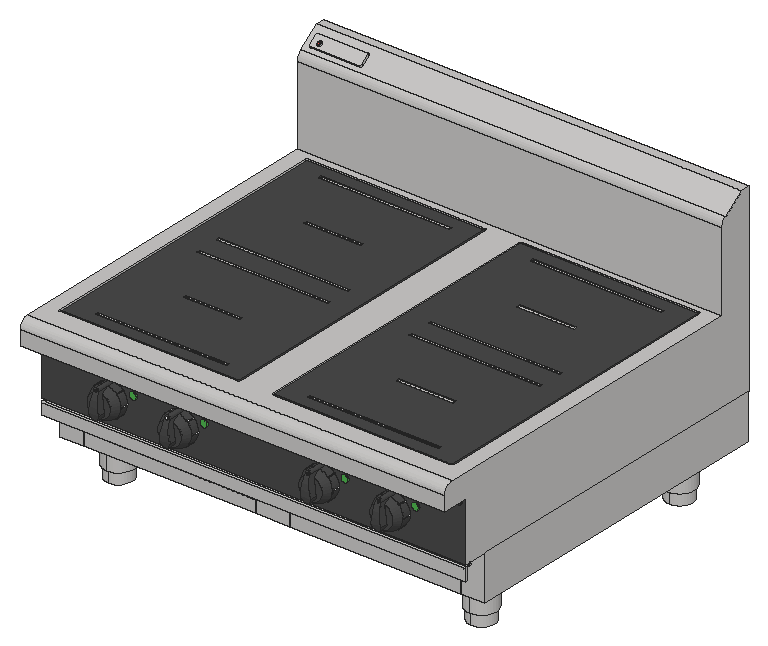
Revit family "QF_Moffat_INB8400R3-B_Induction_Cooktop_cat", category Specialty Equipment, Revit 2019 (continued)
Definition of nested family "Knob"
  Forms (mm)
    Extrusion 2, solid
      sketch origin (32.5, 175.397, 1219.2) x (0, 1, 0) y (0, 0, 1)
        loop
          line (-230.696, -1208.7) -> (-219.397, -1208.7) -> (-219.397, -1161.899) -> (-202.106, -1154.2)
      from -15 to 15
    Extrusion 3, void
      sketch origin (0, 0, 0) x (1, 0, 0) y (0, 0, 1)
        loop
          line (27.501, 64.613) -> (22.02, 20.585)
          arc (22.02, 20.585) -> (32.792, 10.488) -> (42.986, 21.169) r 10.487
          line (42.986, 21.169) -> (37.499, 64.613)
          arc (37.499, 64.613) -> (32.5, 69.5) -> (27.501, 64.613) r 5
        loop
          line (10, 72.977) -> (10, 5.625) -> (55, 5.625) -> (55, 72.977) -> (10, 72.977)
      from 6.142 to 69.687
    Extrusion 4, solid
      sketch origin (0, -34.115, -16.916) x (1, 0, 0) y (0, 0.45399, 0.891007)
        loop
          circle (32.497, 65) r 2
      from 51.525 to 53.075
    Extrusion 5, solid
      sketch origin (32.5, -10, 32.5) x (0, 0, -1) y (-1, 0, 0)
        loop
          line (-23.54, -22.408) -> (-24.106, -22.974)
          arc (-24.106, -22.974) -> (-23.547, -23.547) -> (-22.974, -24.106) r 33.3
          line (-22.974, -24.106) -> (-22.408, -23.54)
          arc (-22.408, -23.54) -> (-22.981, -22.981) -> (-23.54, -22.408) r 32.5
        loop
          arc (-0.8, -33.29) -> (0, -33.3) -> (0.8, -33.29) r 33.3
          line (0.8, -33.29) -> (0.8, -32.49)
          arc (0.8, -32.49) -> (0, -32.5) -> (-0.8, -32.49) r 32.5
          line (-0.8, -32.49) -> (-0.8, -33.29)
        loop
          arc (23.54, -22.408) -> (22.981, -22.981) -> (22.408, -23.54) r 32.5
          line (22.408, -23.54) -> (22.974, -24.106)
          arc (22.974, -24.106) -> (23.547, -23.547) -> (24.106, -22.974) r 33.3
          line (24.106, -22.974) -> (23.54, -22.408)
        loop
          arc (-23.54, 22.408) -> (-22.981, 22.981) -> (-22.408, 23.54) r 32.5
          line (-22.408, 23.54) -> (-22.974, 24.106)
          arc (-22.974, 24.106) -> (-23.547, 23.547) -> (-24.106, 22.974) r 33.3
          line (-24.106, 22.974) -> (-23.54, 22.408)
        loop
          line (-0.8, 33.29) -> (-0.8, 32.49)
          arc (-0.8, 32.49) -> (0, 32.5) -> (0.8, 32.49) r 32.5
          line (0.8, 32.49) -> (0.8, 33.29)
          arc (0.8, 33.29) -> (0, 33.3) -> (-0.8, 33.29) r 33.3
        loop
          line (32.49, -0.8) -> (33.29, -0.8)
          arc (33.29, -0.8) -> (33.3, 0) -> (33.29, 0.8) r 33.3
          line (33.29, 0.8) -> (32.49, 0.8)
          arc (32.49, 0.8) -> (32.5, 0) -> (32.49, -0.8) r 32.5
        loop
          arc (24.106, 22.974) -> (23.547, 23.547) -> (22.974, 24.106) r 33.3
          line (22.974, 24.106) -> (22.408, 23.54)
          arc (22.408, 23.54) -> (22.981, 22.981) -> (23.54, 22.408) r 32.5
          line (23.54, 22.408) -> (24.106, 22.974)
      from 0 to -16.709
  Cuts and joins
    Extrusion 3 cuts Extrusion 2
  Dimensions and locks
    equal spacing: plane 3 "LEFT", plane 7 "Center Y", plane 4 "RIGHT"
    "Length": plane 3 "LEFT" to plane 4 "RIGHT"
    equal spacing: plane 5 "FRONT", plane 8 "Center X", plane 1 "BACK"
    "Depth": plane 5 "FRONT" to plane 1 "BACK"
    "Height": plane 6 "TOP" to level
    plane 4 "RIGHT" to plane 3 "LEFT" = 65 mm
    aligned and locked: level to plane 2
  Automatic sketch dimensions
    Revolve 1 sketch curve to level = 0 mm
    Revolve 1 sketch curve to plane 1 "BACK" = 0 mm  (x2)
    plane 1 "BACK" to Revolve 1 sketch curve = 10 mm
    plane 8 "Center X" to Revolve 1 sketch curve = 2.791 mm
    Revolve 1 sketch curve to plane 8 "Center X" = 14.5 mm
    level to Revolve 1 sketch curve = 7.699 mm
    level to Revolve 1 sketch curve = 27.5 mm
    Revolve 1 sketch curve to Revolve 1 sketch curve = 5 mm
    Revolve 1 sketch curve to Revolve 1 sketch curve = 35 mm
    Revolve 1 sketch curve to Revolve 1 sketch curve = 0 mm
    Extrusion 2 sketch curve to plane 6 "TOP" = 0 mm
    Extrusion 2 sketch curve to plane 5 "FRONT" = 3.702 mm
    Extrusion 2 sketch curve to plane 5 "FRONT" = 10.293 mm
    Extrusion 2 sketch curve to Extrusion 2 sketch curve = 11.298 mm
    plane 8 "Center X" to Extrusion 2 sketch curve = 2.791 mm
    plane 1 "BACK" to Extrusion 2 sketch curve = 10 mm
    Extrusion 2 sketch curve to plane 1 "BACK" = 11 mm
    Extrusion 2 sketch curve to plane 6 "TOP" = 4.5 mm
    Extrusion 2 sketch curve to plane 6 "TOP" = 12.199 mm
    level to Extrusion 2 sketch curve = 32.962 mm
    level to Extrusion 3 sketch curve = 5.625 mm
    Extrusion 3 sketch curve to plane 7 "Center Y" = 0 mm  (x2)
    Extrusion 3 sketch curve to plane 7 "Center Y" = 4.999 mm
    Extrusion 3 sketch curve to plane 7 "Center Y" = 10.48 mm
    plane 6 "TOP" to Extrusion 3 sketch curve = 3.477 mm
    plane 3 "LEFT" to Extrusion 3 sketch curve = 10 mm
    Extrusion 3 sketch curve to plane 6 "TOP" = 4.887 mm
    Extrusion 3 sketch curve to Extrusion 3 sketch curve = 4.999 mm
    plane 7 "Center Y" to Extrusion 3 sketch curve = 10.486 mm
    level to Extrusion 3 sketch curve = 20.585 mm
    Extrusion 3 sketch curve to Extrusion 3 sketch curve = 0.387 mm
    Extrusion 3 sketch curve to Extrusion 3 sketch curve = 0.113 mm
    plane 4 "RIGHT" to Extrusion 3 sketch curve = 10 mm
    Extrusion 5 sketch curve to Revolve 1 = 32.49 mm
    Revolve 1 to Extrusion 5 sketch curve = 32.49 mm
    Extrusion 5 sketch curve to Revolve 1 = 23.54 mm  (x2)
    Revolve 1 to Extrusion 5 sketch curve = 23.54 mm  (x2)
    Extrusion 5 sketch curve to Revolve 1 = 24.106 mm  (x2)
    Revolve 1 to Extrusion 5 sketch curve = 24.106 mm  (x2)
    Revolve 1 to Extrusion 5 sketch curve = 22.408 mm  (x2)
    Extrusion 5 sketch curve to Revolve 1 = 22.408 mm  (x2)
    Revolve 1 to Extrusion 5 sketch curve = 22.974 mm  (x2)
    Extrusion 5 sketch curve to Revolve 1 = 22.974 mm  (x2)
    Extrusion 5 sketch curve to Extrusion 5 sketch curve = 1.6 mm  (x2)
    Revolve 1 to Extrusion 5 sketch curve = 0.8 mm
    Extrusion 5 sketch curve to Revolve 1 = 0.8 mm
    Extrusion 4 sketch curve to plane 7 "Center Y" = 0.003 mm
    radius of Extrusion 5 sketch curve to Revolve 1 = 0 mm  (x7)
    radius of Revolve 1 to Extrusion 5 sketch curve = 0.8 mm  (x7)
    radius of Extrusion 4 sketch curve = 2 mm
Types (2, lengths in mm): name | Volts | Cycle | Apparent Power
  INB8400R3-B_415/60/3 | 415 V | 60 Hz | 14359 VA
  INB8400R3-B_400/50/3 | 400 V | 50 Hz | 13840 VA
